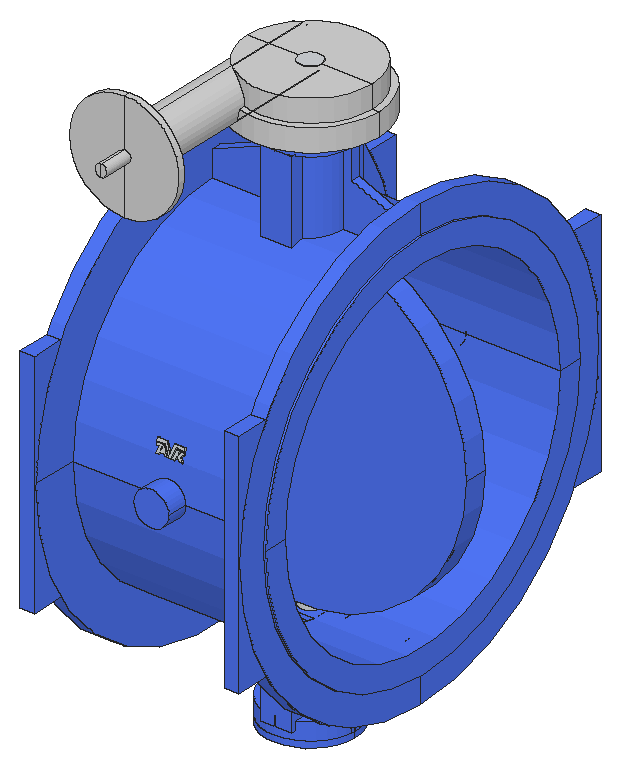
Revit family "756-102-142-DN150-600", category Pipe Accessories, Revit 2019
Family settings
  Round Connector Dimension = Use Diameter
  Part Type = Valve - Breaks Into
  Work Plane-Based = No
  Always vertical = Yes
  Cut with Voids When Loaded = No
  Shared = No
Parameters (values of type "DN600-PN10")
  offset = size_lookup(Search_table, "offset", 0.00 mm, DN)  # 3.00 mm
  GB_Width_3 = size_lookup(Search_table, "GB_Width", 0.00 mm, DN) / 2  # 120.00 mm
  Disc_Dia = size_lookup(Search_table, "Disc_Dia", 0.00 mm, DN)  # 582.00 mm
  Disc_width = if(DN > 599.00 mm, 40.00 mm, if(DN > 499.00 mm, 35.00 mm, if(DN > 399.00 mm, 30.00 mm, if(DN > 299.00 mm, 20.00 mm, if(DN > 199.00 mm, 15.00 mm, if(DN > 149.00 mm, 10.00 mm, 10.00 mm))))))  # 40.00 mm
  C_rod = if(DN > 599.00 mm, 39.00 mm, if(DN > 499.00 mm, 34.00 mm, if(DN > 399.00 mm, 29.00 mm, if(DN > 299.00 mm, 19.00 mm, if(DN > 199.00 mm, 14.00 mm, if(DN > 149.00 mm, 9.00 mm, 9.00 mm))))))  # 39.00 mm
  C = size_lookup(Search_table, "C", 0.00 mm, DN)  # 267.00 mm
  W5 = size_lookup(Search_table, "W5", 0.00 mm, DN)  # 364.00 mm
  W4 = size_lookup(Search_table, "W4", 0.00 mm, DN)  # 437.00 mm
  W3 = size_lookup(Search_table, "W3", 0.00 mm, DN)  # 426.00 mm
  W2 = size_lookup(Search_table, "W2", 0.00 mm, DN)  # 604.00 mm
  W1 = size_lookup(Search_table, "W1", 0.00 mm, DN)  # 393.00 mm
  URL_product_pages = "https://www.avkvalves.com/P.aspx?no=7560150114002"
  Rib_width_2 = Gear_box_Mount_Flange_width * 2  # 155.00 mm
  Rib_width = L - (Flange_Thickness * 2)  # 330.00 mm
  Rib_height_2 = H1 - Flange_OD  # 80.00 mm
  Rib_depth = if(DN > 149.00 mm, 15.00 mm, if(DN > 299.00 mm, 15.00 mm, if(DN > 399.00 mm, 20.00 mm, 20.00 mm)))  # 15.00 mm
  Rib_height = Flange_OD / 1.1  # 354.545 mm
  Rf_Dia = size_lookup(Search_table, "RF_Dia", 0.00 mm, DN) / 2  # 341.00 mm
  RF_Cut_Thickness = 5.00 mm  # constant formula
  Pin_width = L / 2  # 195.00 mm
  Pin_dia = 60.00 mm
  Pin_Depth = (DN + size_lookup(Search_table, "Flange_OD", 0.00 mm, DN)) / 2  # 690.05 mm
  L2 = size_lookup(Search_table, "L2", 0.00 mm, DN)  # 100.00 mm
  L1 = size_lookup(Search_table, "L1", 0.00 mm, DN)  # 94.00 mm
  L = size_lookup(Search_table, "L", 0.00 mm, DN)  # 390.00 mm
  ID (Radius) = DN / 2  # 300.05 mm
  H3 = size_lookup(Search_table, "H3", 0.00 mm, DN)  # 380.00 mm
  H2 = size_lookup(Search_table, "H2", 0.00 mm, DN)  # 481.00 mm
  H1 = B - GB_Dia  # 470.00 mm
  Gear_box_width = size_lookup(Search_table, "Gear_box_width", 0.00 mm, DN) / 2  # 28.00 mm
  Gear_box_depth = A - Body_wallthickness - 25.00 mm  # 278.00 mm
  GB_Width_2 = GB_Width_3 * 0.9  # 108.00 mm
  GB_Width = C - L / 2  # 72.00 mm
  GB_Flange = 5.00 mm  # constant formula
  GB_Dia = size_lookup(Search_table, "GB_Dia", 0.00 mm, DN) / 2  # 39.00 mm
  Flange_Thickness = size_lookup(Search_table, "Flange_Thickness", 0.00 mm, DN)  # 30.00 mm
  Flange_OD = size_lookup(Search_table, "Flange_OD", 0.00 mm, DN) / 2  # 390.00 mm
  Description_ = "AVK_DOUBLE_ECCENTRIC_BUTTERFLY_VALVE"
  DN = 600.10 mm
  Search_table = "756-102-142-DN150-600"
  Disc_2 = size_lookup(Search_table, "Disk_2", 0.00 mm, DN)  # 20.00 mm
  Disc_1 = size_lookup(Search_table, "Disk_1", 0.00 mm, DN)  # 20.00 mm
  DN600_PN16 = "756-0600-1-14002"
  DN600_PN10 = "756-0600-1-04002"
  DN600 = yes
  DN500_PN16 = "756-0500-1-14002"
  DN500_PN10 = "756-0500-1-04002"
  DN500 = yes
  DN450_PN16 = "756-0450-1-14002"
  DN450_PN10 = "756-0450-1-04002"
  DN450 = yes
  DN400_PN16 = "756-0400-1-14002"
  DN400_PN10 = "756-0400-1-04002"
  DN400 = yes
  DN350_PN16 = "756-0350-1-14002"
  DN350_PN10 = "756-0350-1-04002"
  DN350 = yes
  DN300_PN16 = "756-0300-1-14002"
  DN300_PN10 = "756-0300-1-04002"
  DN300 = yes
  DN250_PN16 = "756-0250-1-14002"
  DN250_PN10 = "756-0250-1-04002"
  DN250 = yes
  DN200_PN16 = "756-0200-1-14002"
  DN200_PN10 = "756-0200-1-04002"
  DN200 = yes
  DN150_PN10/16 = "756-0150-1-14002"
  DN150 = yes
  D1 = size_lookup(Search_table, "D1", 0.00 mm, DN) / 2  # 10.00 mm
  Bottom_width = size_lookup(Search_table, "Bottom_width", 0.00 mm, DN)  # 400.00 mm
  Bottom_Depth = DN * 1.5  # 900.15 mm
  Gear_box_Mount_width = size_lookup(Search_table, "Gear_box_Mount_width", 0.00 mm, DN) * 2  # 62.50 mm
  Gear_box_Mount_Flange_width = size_lookup(Search_table, "Gear_box_Mount_Flange_width", 0.00 mm, DN) / 2  # 77.50 mm
  Body_wallthickness = 10.00 mm  # constant formula
  B = size_lookup(Search_table, "B", 0.00 mm, DN)  # 509.00 mm
  A = size_lookup(Search_table, "A", 0.00 mm, DN)  # 313.00 mm
Types (18, lengths in mm): name | offset | GB_Width_3 | Disc_Dia | Disc_width | C_rod | C | W5 | W4 | W3 | W2 | W1 | Rib_width_2 | Rib_width | Rib_height_2 | Rib_height | Rf_Dia | Pin_width | Pin_dia | Pin_Depth | L2 | L1 | L | ID (Radius) | H3 | H2 | H1 | Gear_box_width | Gear_box_depth | GB_Width_2 | GB_Width | GB_Dia | Flange_Thickness | Flange_OD | DN | Disc_2 | Disc_1 | DN250_PN16 | Bottom_width | Bottom_Depth | Gear_box_Mount_width | Gear_box_Mount_Flange_width | B | A
  (no name) | 3.00 | 120.00 | 582.00 | 40.00 | 39.00 | 267.00 | 364.00 | 437.00 | 426.00 | 604.00 | 393.00 | 155.00 | 330.00 | 80.00 | 354.545 | 341.00 | 195.00 | 60.00 | 690.05 | 100.00 | 94.00 | 390.00 | 300.05 | 380.00 | 481.00 | 470.00 | 28.00 | 278.00 | 108.00 | 72.00 | 39.00 | 30.00 | 390.00 | 600.10 | 20.00 | 20.00 | "756-0250-1-14002" | 400.00 | 900.15 | 62.50 | 77.50 | 509.00 | 313.00
  DN150-PN10/16 | 3.00 | 85.00 | 133.00 | 10.00 | 9.00 | 176.00 | 172.00 | 6.00 | 6.00 | 278.00 | 155.00 | 100.00 | 180.00 | 38.50 | 129.545 | 105.50 | 105.00 | 30.00 | 217.50 | 1.00 | 1.00 | 210.00 | 75.00 | 230.00 | 201.00 | 181.00 | 33.50 | 87.00 | 76.50 | 71.00 | 35.00 | 15.00 | 142.50 | 150.00 | 2.00 | 2.00 | "756-0250-1-14002" | 120.00 | 225.00 | 43.00 | 50.00 | 216.00 | 122.00
  DN200-PN10 | 5.00 | 85.00 | 180.00 | 15.00 | 14.00 | 186.00 | 172.00 | 6.00 | 6.00 | 297.50 | 182.00 | 100.00 | 200.00 | 30.00 | 154.545 | 133.00 | 115.00 | 30.00 | 270.05 | 1.00 | 1.00 | 230.00 | 100.05 | 240.00 | 227.00 | 200.00 | 19.50 | 87.00 | 76.50 | 71.00 | 35.00 | 15.00 | 170.00 | 200.10 | 2.00 | 2.00 | "756-0250-1-14002" | 140.00 | 300.15 | 43.00 | 50.00 | 235.00 | 122.00
  DN250-PN10 | 5.00 | 85.00 | 227.00 | 15.00 | 14.00 | 196.00 | 172.00 | 6.00 | 6.00 | 331.50 | 215.00 | 90.00 | 220.00 | 31.50 | 184.091 | 159.50 | 125.00 | 30.00 | 327.55 | 1.00 | 1.00 | 250.00 | 125.05 | 260.00 | 261.00 | 234.00 | 19.50 | 87.00 | 76.50 | 71.00 | 35.00 | 15.00 | 202.50 | 250.10 | 2.00 | 2.00 | "756-0250-1-14002" | 170.00 | 375.15 | 37.00 | 45.00 | 269.00 | 122.00
  DN300-PN10 | 6.00 | 85.00 | 282.17 | 20.00 | 19.00 | 211.00 | 158.00 | 104.00 | 6.00 | 372.00 | 242.00 | 110.00 | 230.00 | 44.00 | 209.091 | 185.00 | 135.00 | 40.00 | 380.05 | 12.00 | 1.00 | 270.00 | 150.05 | 280.00 | 292.00 | 274.00 | 27.50 | 83.00 | 76.50 | 76.00 | 35.00 | 20.00 | 230.00 | 300.10 | 20.00 | 3.00 | "756-0250-1-14002" | 210.00 | 450.15 | 45.00 | 55.00 | 309.00 | 118.00
  DN350-PN10 | 3.00 | 85.00 | 334.00 | 20.00 | 19.00 | 250.00 | 313.00 | 173.00 | 151.00 | 395.50 | 272.00 | 120.00 | 250.00 | 38.00 | 236.364 | 214.50 | 145.00 | 40.00 | 435.05 | 26.00 | 20.00 | 290.00 | 175.05 | 300.00 | 318.00 | 298.00 | 27.00 | 228.00 | 76.50 | 105.00 | 35.00 | 20.00 | 260.00 | 350.10 | 20.00 | 20.00 | "756-0250-1-14002" | 210.00 | 525.15 | 50.00 | 60.00 | 333.00 | 263.00
  DN400-PN10 | 3.00 | 85.00 | 383.00 | 30.00 | 29.00 | 260.00 | 313.00 | 232.00 | 215.00 | 431.50 | 302.00 | 110.00 | 270.00 | 41.50 | 263.636 | 240.00 | 155.00 | 40.00 | 490.05 | 41.00 | 35.00 | 310.00 | 200.05 | 320.00 | 349.00 | 331.50 | 32.00 | 228.00 | 76.50 | 105.00 | 37.50 | 20.00 | 290.00 | 400.10 | 20.00 | 20.00 | "756-0250-1-14002" | 260.00 | 600.15 | 45.00 | 55.00 | 369.00 | 263.00
  DN450-PN10 | 3.00 | 109.00 | 430.00 | 30.00 | 29.00 | 270.00 | 313.00 | 284.00 | 267.00 | 468.50 | 332.00 | 135.00 | 270.00 | 48.50 | 290.909 | 265.00 | 165.00 | 60.00 | 545.05 | 55.00 | 48.00 | 330.00 | 225.05 | 340.00 | 390.00 | 368.50 | 28.00 | 228.00 | 98.10 | 105.00 | 37.50 | 30.00 | 320.00 | 450.10 | 20.00 | 20.00 | "756-0250-1-04002" | 280.00 | 675.15 | 58.00 | 67.50 | 406.00 | 263.00
  DN500-PN10 | 3.00 | 109.00 | 480.61 | 35.00 | 34.00 | 280.00 | 313.00 | 335.00 | 322.00 | 496.50 | 338.00 | 135.00 | 290.00 | 60.00 | 304.545 | 291.00 | 175.00 | 60.00 | 585.05 | 69.00 | 63.00 | 350.00 | 250.05 | 360.00 | 418.00 | 395.00 | 19.00 | 228.00 | 98.10 | 105.00 | 39.00 | 30.00 | 335.00 | 500.10 | 20.00 | 20.00 | "756-0250-1-14002" | 320.00 | 750.15 | 58.00 | 67.50 | 434.00 | 263.00
  DN600-PN10 | 3.00 | 120.00 | 582.00 | 40.00 | 39.00 | 267.00 | 364.00 | 437.00 | 426.00 | 604.00 | 393.00 | 155.00 | 330.00 | 80.00 | 354.545 | 341.00 | 195.00 | 60.00 | 690.05 | 100.00 | 94.00 | 390.00 | 300.05 | 380.00 | 481.00 | 470.00 | 28.00 | 278.00 | 108.00 | 72.00 | 39.00 | 30.00 | 390.00 | 600.10 | 20.00 | 20.00 | "756-0250-1-14002" | 400.00 | 900.15 | 62.50 | 77.50 | 509.00 | 313.00
  DN200-PN16 | 5.00 | 85.00 | 180.00 | 15.00 | 14.00 | 186.00 | 172.00 | 6.00 | 6.00 | 297.50 | 182.00 | 100.00 | 200.00 | 30.00 | 154.545 | 133.00 | 115.00 | 30.00 | 270.08 | 1.00 | 1.00 | 230.00 | 100.08 | 250.00 | 227.00 | 200.00 | 28.50 | 87.00 | 76.50 | 71.00 | 35.00 | 15.00 | 170.00 | 200.16 | 2.00 | 2.00 | "756-0250-1-14002" | 140.00 | 300.24 | 43.00 | 50.00 | 235.00 | 122.00
  DN250-PN16 | 5.00 | 85.00 | 227.00 | 15.00 | 14.00 | 196.00 | 172.00 | 6.00 | 6.00 | 331.50 | 215.00 | 90.00 | 220.00 | 31.50 | 184.091 | 159.50 | 125.00 | 30.00 | 327.58 | 1.00 | 1.00 | 250.00 | 125.08 | 270.00 | 261.00 | 234.00 | 19.50 | 87.00 | 76.50 | 71.00 | 35.00 | 15.00 | 202.50 | 250.16 | 2.00 | 2.00 | "756-0250-1-14002" | 170.00 | 375.24 | 37.00 | 45.00 | 269.00 | 122.00
  DN300-PN16 | 6.00 | 115.00 | 282.17 | 20.00 | 19.00 | 240.00 | 313.00 | 104.00 | 6.00 | 374.50 | 242.00 | 110.00 | 230.00 | 47.00 | 209.091 | 185.00 | 135.00 | 40.00 | 380.08 | 12.00 | 1.00 | 270.00 | 150.08 | 290.00 | 292.00 | 277.00 | 32.50 | 228.00 | 103.50 | 105.00 | 35.00 | 20.00 | 230.00 | 300.16 | 20.00 | 3.00 | "756-0250-1-14002" | 210.00 | 450.24 | 45.00 | 55.00 | 312.00 | 263.00
  DN350-PN16 | 3.00 | 85.00 | 334.00 | 20.00 | 19.00 | 250.00 | 313.00 | 173.00 | 151.00 | 400.50 | 272.00 | 120.00 | 250.00 | 43.00 | 236.364 | 214.50 | 145.00 | 40.00 | 435.08 | 26.00 | 20.00 | 290.00 | 175.08 | 310.00 | 318.00 | 303.00 | 32.00 | 228.00 | 76.50 | 105.00 | 35.00 | 20.00 | 260.00 | 350.16 | 20.00 | 20.00 | "756-0250-1-14002" | 210.00 | 525.24 | 50.00 | 60.00 | 338.00 | 263.00
  DN400-PN16 | 3.00 | 85.00 | 383.00 | 30.00 | 29.00 | 260.00 | 313.00 | 232.00 | 215.00 | 431.50 | 302.00 | 110.00 | 270.00 | 41.50 | 263.636 | 240.00 | 155.00 | 40.00 | 490.08 | 41.00 | 35.00 | 310.00 | 200.08 | 330.00 | 349.00 | 331.50 | 32.00 | 228.00 | 76.50 | 105.00 | 37.50 | 20.00 | 290.00 | 400.16 | 20.00 | 20.00 | "756-0250-1-14002" | 260.00 | 600.24 | 45.00 | 55.00 | 369.00 | 263.00
  DN450-PN16 | 3.00 | 109.00 | 430.00 | 30.00 | 29.00 | 203.00 | 320.00 | 284.00 | 267.00 | 498.00 | 332.00 | 135.00 | 270.00 | 45.50 | 290.909 | 265.00 | 165.00 | 60.00 | 545.08 | 55.00 | 48.00 | 330.00 | 225.08 | 350.00 | 390.00 | 365.50 | 43.00 | 234.00 | 98.10 | 38.00 | 37.50 | 30.00 | 320.00 | 450.16 | 20.00 | 20.00 | "756-0250-1-14002" | 280.00 | 675.24 | 58.00 | 67.50 | 403.00 | 269.00
  DN500-PN16 | 3.00 | 109.00 | 480.61 | 35.00 | 34.00 | 213.00 | 320.00 | 335.00 | 322.00 | 535.00 | 370.00 | 135.00 | 290.00 | 66.00 | 304.545 | 291.00 | 175.00 | 60.00 | 585.08 | 69.00 | 63.00 | 350.00 | 250.08 | 370.00 | 427.00 | 401.00 | 43.00 | 234.00 | 98.10 | 38.00 | 39.00 | 30.00 | 335.00 | 500.16 | 20.00 | 20.00 | "756-0250-1-14002" | 320.00 | 750.24 | 58.00 | 67.50 | 440.00 | 269.00
  DN600-PN16 | 3.00 | 120.00 | 582.00 | 40.00 | 39.00 | 235.00 | 406.00 | 437.00 | 426.00 | 657.00 | 435.00 | 155.00 | 330.00 | 103.00 | 354.545 | 341.00 | 195.00 | 60.00 | 690.08 | 100.00 | 94.00 | 390.00 | 300.08 | 390.00 | 503.00 | 493.00 | 39.00 | 320.00 | 108.00 | 40.00 | 39.00 | 30.00 | 390.00 | 600.16 | 20.00 | 20.00 | "756-0250-1-14002" | 400.00 | 900.24 | 62.50 | 77.50 | 532.00 | 355.00
Reference planes
  plane 1 "Center (Front/Back)": y = 0
  plane 2: z = 0
  plane 3 "Center (Left/Right)": x = 0
  plane 4: y = 300.05
  plane 5: y = 310.05
  plane 6: x = 195
  plane 7: x = 165
  plane 8: x = -165
  plane 9: x = -195
  plane 10: z = 470
  plane 11: x = 77.5
  plane 12: z = 440
  plane 13: z = -470
  plane 14: x = 77.5
  plane 15: z = -440
  plane 16: x = 62.5
  plane 17: x = 77.5
  plane 18: x = -77.5
  plane 19: z = 470
  plane 20: z = 390
  plane 21: z = 300.05
  plane 22: x = 165
  plane 23: x = -165
  plane 24: z = 354.545
  plane 25: y = 7.5
  plane 26: y = -7.5
  plane 27: x = 77.5
  plane 28: x = -77.5
  plane 29: z = -470
  plane 30: z = -390
  plane 31: z = -300.05
  plane 32: x = 165
  plane 33: x = -165
  plane 34: z = -354.545
  plane 35: y = 77.5
  plane 36: y = -77.5
  plane 37: x = -7.5
  plane 38: x = 7.5
  plane 39: z = 200
  plane 40: z = -200
  plane 41: y = -393
  plane 42: y = 393
  plane 43: y = -364
  plane 44: z = -481
  plane 45: x = 62.5
  plane 46: y = 300.05
  plane 47: y = -300.05
  plane 48: y = 345.025
  plane 49: y = -345.025
  plane 50: z = 604
  plane 51: z = 509
  plane 52: y = -313
  plane 53: x = -72
  plane 54: z = 548
  plane 55: x = -67
  plane 56: x = -77
  plane 57: z = 514
  plane 58: z = 504
  plane 59: x = -33
  plane 60: x = -111
  plane 61: z = 470
  plane 62: y = -17.5
  plane 63: y = 17.5
  plane 64: z = 218.671
  plane 65: z = 213.253
  plane 66: z = -218.671
  plane 67: z = -213.253
  plane 68: x = -20
  plane 69: x = 20
  plane 70: y = 20
  plane 71: y = -20
Forms (mm)
  Revolve 1, solid, material "Plastic"
    sketch origin (0, 0, 0) x (1, 0, 0) y (0, 1, 0)
      loop
        line (-165, 310.05) -> (-165, 390) -> (-195, 390) -> (-195, 300.05) -> (195, 300.05) -> (195, 390) -> (165, 390) -> (165, 310.05) -> (-165, 310.05)
      axis (-195, 0) -> (195, 0)
    angle from 0 to 360
  Revolve 2, solid, material "Plastic"
    sketch origin (0, 0, 0) x (1, 0, 0) y (0, 0, 1)
      loop
        line (62.5, 440) -> (77.5, 440) -> (77.5, 470) -> (0, 470) -> (0, 300.05) -> (62.5, 300.05) -> (62.5, 440)
      axis (0, 470) -> (0, 300.05)
    angle from 0 to 360
  Revolve 3, solid, material "Plastic"
    sketch origin (0, 0, 0) x (1, 0, 0) y (0, 0, -1)
      loop
        line (62.5, 300.05) -> (62.5, 440) -> (77.5, 440) -> (77.5, 470) -> (0, 470) -> (0, 300.05) -> (62.5, 300.05)
      axis (0, 470) -> (0, 300.05)
    angle from 0 to 360
  Revolve 4, solid, material "Plastic"
    sketch origin (0, 0, 0) x (1, 0, 0) y (0, 0, 1)
      loop
        line (0, -470) -> (0, -481) -> (77.5, -481) -> (77.5, -470) -> (0, -470)
      axis (0, -481) -> (0, -470)
    angle from 0 to 360
  Extrusion 5, solid, material "Plastic"
    sketch origin (0, 0, 0) x (1, 0, 0) y (0, 0, 1)
      loop
        line (77.5, 470) -> (-77.5, 470) -> (-77.5, 390) -> (-165, 354.545) -> (-165, 300.05) -> (165, 300.05) -> (165, 354.545) -> (77.5, 390) -> (77.5, 470)
    from -7.5 to 7.5
  Extrusion 6, solid, material "Plastic"
    sketch origin (0, 0, 0) x (1, 0, 0) y (0, 0, 1)
      loop
        line (77.5, -470) -> (77.5, -390) -> (165, -354.545) -> (165, -300.05) -> (-165, -300.05) -> (-165, -354.545) -> (-77.5, -390) -> (-77.5, -470) -> (77.5, -470)
    from -7.5 to 7.5
  Extrusion 7, solid, material "Plastic"
    sketch origin (0, 0, 0) x (0, 1, 0) y (0, 0, 1)
      loop
        line (77.5, 440) -> (-77.5, 440) -> (-77.5, -455.5) -> (77.5, -455.5) -> (77.5, 440)
    from -24 to 29.728
  Extrusion 8, solid, material "Plastic"
    sketch origin (0, 0, 0) x (0, 1, 0) y (0, 0, 1)
      loop
        line (393, -200) -> (393, 200) -> (334.813, 200)
        arc (334.813, 200) -> (375.95, 103.737) -> (390, 0) r 390
        arc (390, 0) -> (375.95, -103.737) -> (334.813, -200) r 390
        line (334.813, -200) -> (393, -200)
      loop
        line (-393, 200) -> (-393, -200) -> (-334.813, -200)
        arc (-334.813, -200) -> (-375.95, -103.737) -> (-390, 0) r 390
        arc (-390, 0) -> (-375.95, 103.737) -> (-334.813, 200) r 390
        line (-334.813, 200) -> (-393, 200)
    from 165 to 195
  Extrusion 9, void
    sketch origin (0, 0, 0) x (0, 1, 0) y (0, 0, 1)
      loop
        circle (0, 0) r 300.05
    from -195 to 195
  Extrusion 10, solid, material "Plastic"
    sketch origin (0, 0, 0) x (0, 1, 0) y (0, 0, -1)
      loop
        line (-393, -200) -> (-334.813, -200)
        arc (-334.813, -200) -> (-375.95, -103.737) -> (-390, 0) r 390
        arc (-390, 0) -> (-375.95, 103.737) -> (-334.813, 200) r 390
        line (-334.813, 200) -> (-393, 200) -> (-393, -200)
      loop
        line (393, 200) -> (334.813, 200)
        arc (334.813, 200) -> (375.95, 103.737) -> (390, 0) r 390
        arc (390, 0) -> (375.95, -103.737) -> (334.813, -200) r 390
        line (334.813, -200) -> (393, -200) -> (393, 200)
    from 165 to 195
  Extrusion 11, solid, material "Plastic"
    sketch origin (0, 0, 0) x (1, 0, 0) y (0, 0, 1)
      loop
        circle (0, 0) r 30
    from -345.025 to -300.05
  Extrusion 12, solid, material "Plastic"
    sketch origin (0, 0, 0) x (1, 0, 0) y (0, 0, 1)
      loop
        circle (0, 0) r 30
    from 345.025 to 300.05
  Revolve 13, void
    sketch origin (0, 0, 0) x (1, 0, 0) y (0, 0, 1)
      loop
        line (195, 481) -> (190, 481) -> (190, 341) -> (195, 341) -> (195, 481)
      loop
        line (-195, 481) -> (-195, 341) -> (-190, 341) -> (-190, 481) -> (-195, 481)
      axis (-195, 0) -> (195, 0)
    angle from 0 to 360
  Extrusion 14, solid, material "Stainless Steel AISI 304"
    sketch origin (0, 0, 0) x (1, 0, 0) y (0, 0, 1)
      loop
        line (-77, 548) -> (-77, 514) -> (-111, 514) -> (-111, 504) -> (-77, 504) -> (-77, 470) -> (-67, 470) -> (-67, 504) -> (-33, 504) -> (-33, 514) -> (-67, 514) -> (-67, 548) -> (-77, 548)
    from 278 to 303
  Revolve 15, solid, material "Stainless Steel AISI 304"
    sketch origin (0, 0, 0) x (1, 0, 0) y (0, 0, 1)
      loop
        line (0, 470) -> (120, 470) -> (120, 509) -> (0, 509) -> (0, 470)
      axis (0, 470) -> (0, 509)
    angle from 0 to 360
  Revolve 16, solid, material "Stainless Steel AISI 304"
    sketch origin (0, 0, 0) x (1, 0, 0) y (0, 0, 1)
      loop
        line (0, 509) -> (108, 509) -> (108, 548) -> (0, 548) -> (0, 509)
      axis (0, 509) -> (0, 548)
    angle from 0 to 360
  Revolve 17, solid, material "Stainless Steel AISI 304"
    sketch origin (-72, -1524, 167.638) x (0, 0, -1) y (0, -1, 0)
      loop
        line (-351.362, -1160) -> (-351.362, -1211) -> (-341.362, -1211) -> (-341.362, -1160) -> (-351.362, -1160)
      axis (-341.362, -1211) -> (-341.362, -1160)
    angle from 0 to 360
  Revolve 18, solid, material "Stainless Steel AISI 304"
    sketch origin (-72, -1524, 167.638) x (0, 0, -1) y (0, -1, 0)
      loop
        line (-436.362, -1221) -> (-341.362, -1221) -> (-341.362, -1211) -> (-436.362, -1211) -> (-436.362, -1221)
      axis (-341.362, -1221) -> (-341.362, -1211)
    angle from 0 to 360
  Revolve 19, solid, material "Stainless Steel AISI 304"
    sketch origin (-72, -1524, 167.638) x (0, 0, -1) y (0, -1, 0)
      loop
        line (-341.362, -1596) -> (-302.362, -1596) -> (-302.362, -1246) -> (-341.362, -1246) -> (-341.362, -1596)
      axis (-341.362, -1596) -> (-341.362, -1246)
    angle from 0 to 360
  Extrusion 20, solid, material "Plastic"
    sketch origin (0, 0, 0) x (1, 0, 0) y (0, 0, 1)
      loop
        circle (-3, 0) r 291
    from -20 to 20
  Extrusion 21, solid
    sketch origin (0, 0, 0) x (1, 0, 0) y (0, 1, 0)
      loop
        circle (0, 0) r 19.5
    from -481 to 548
Cuts and joins
  Extrusion 9, Revolve 13 cuts Revolve 1
  Extrusion 9 cuts Extrusion 7
  Extrusion 9, Revolve 13 cuts Extrusion 8
  Revolve 13 cuts Extrusion 10
Dimensions and locks
  equal spacing: plane 9, plane 3 "Center (Left/Right)", plane 6
  "L": plane 9 to plane 6
  "ID (Radius)": plane 4 to plane 1 "Center (Front/Back)"
  "Body_wallthickness": plane 5 to plane 4
  "Flange_Thickness": plane 7 to plane 6
  "Flange_Thickness": plane 9 to plane 8
  "Flange_OD": plane 1 "Center (Front/Back)" to Revolve 1 sketch curve
  "Flange_Thickness": plane 10 to plane 12
  "ID (Radius)": Revolve 2 sketch curve to level
  "Gear_box_Mount_Flange_width": plane 3 "Center (Left/Right)" to plane 11
  "Flange_Thickness": plane 13 to plane 15
  "H1": level to plane 13
  "ID (Radius)": level to Revolve 3 sketch curve
  "Gear_box_Mount_Flange_width": Revolve 4 sketch curve to Revolve 4 sketch curve
  "ID (Radius)": plane 21 to level
  "H1": plane 19 to level
  "Gear_box_Mount_Flange_width": plane 3 "Center (Left/Right)" to plane 17
  "Gear_box_Mount_Flange_width": plane 18 to plane 3 "Center (Left/Right)"
  "Rib_height": plane 24 to level
  equal spacing: plane 25, plane 1 "Center (Front/Back)", plane 26
  "Rib_depth": plane 25 to plane 26
  equal spacing: plane 22, plane 3 "Center (Left/Right)", plane 23
  "Rib_width": plane 22 to plane 23
  "Rib_height_2": plane 19 to plane 20
  "Rib_height_2": plane 29 to plane 30
  "Rib_height": level to plane 34
  "Gear_box_Mount_Flange_width": plane 28 to plane 3 "Center (Left/Right)"
  "Gear_box_Mount_Flange_width": plane 3 "Center (Left/Right)" to plane 27
  "ID (Radius)": level to plane 31
  "H1": level to plane 29
  equal spacing: plane 32, plane 3 "Center (Left/Right)", plane 33
  "Rib_width": plane 32 to plane 33
  equal spacing: plane 35, plane 1 "Center (Front/Back)", plane 36
  equal spacing: plane 37, plane 3 "Center (Left/Right)", plane 38
  "Rib_depth": plane 37 to plane 38
  equal spacing: plane 42, plane 1 "Center (Front/Back)", plane 41
  "W1": plane 1 "Center (Front/Back)" to plane 41
  "W1": plane 42 to plane 1 "Center (Front/Back)"
  "Bottom_width": plane 39 to plane 40
  equal spacing: plane 39, level, plane 40
  "Rib_width_2": plane 35 to plane 36
  "W5": plane 1 "Center (Front/Back)" to plane 43
  "H2": level to Revolve 4 sketch curve
  "H2": level to plane 44
  "W1": plane 1 "Center (Front/Back)" to Extrusion 10
  "Gear_box_Mount_width": plane 45 to plane 3 "Center (Left/Right)"
  "Gear_box_Mount_width": plane 3 "Center (Left/Right)" to plane 16
  "Gear_box_Mount_Flange_width": plane 3 "Center (Left/Right)" to plane 14
  "Pin_width": cut or joined group of Extrusion 8, Extrusion 9, Revolve 13 to Extrusion 11 sketch curve
  "H2": Extrusion 11 sketch curve to Revolve 4
  equal spacing: plane 46, plane 1 "Center (Front/Back)", plane 47
  "DN": plane 46 to plane 47
  equal spacing: plane 48, plane 1 "Center (Front/Back)", plane 49
  "Pin_Depth": plane 48 to plane 49
  "Rf_Dia": Revolve 13 sketch curve to level
  "RF_Cut_Thickness": Revolve 13 sketch curve to Revolve 13 sketch curve  (x2)
  "H2": Revolve 13 sketch curve to level
  "W2": plane 50 to level
  "H1": plane 10 to level
  "B": plane 51 to level
  "A": plane 1 "Center (Front/Back)" to plane 52
  "GB_Width_3": Revolve 15 sketch curve to Revolve 15 sketch curve
  "GB_Width_2": Revolve 16 sketch curve to plane 3 "Center (Left/Right)"
  equal spacing: Revolve 16 sketch curve, plane 51, Revolve 15
  "GB_Width": plane 3 "Center (Left/Right)" to plane 53
  "D1": Revolve 17 sketch curve to Revolve 17 sketch curve
  "Body_wallthickness": Revolve 18 sketch curve to Revolve 18 sketch curve
  equal spacing: plane 55, plane 53, plane 56
  equal spacing: plane 59, plane 53, plane 60
  equal spacing: plane 57, plane 51, plane 58
  "Body_wallthickness": plane 57 to plane 58
  equal spacing: plane 54, plane 51, plane 61
  "Body_wallthickness": plane 55 to plane 56
  "GB_Dia": plane 53 to plane 60
  "GB_Dia": plane 54 to plane 51
  "Gear_box_depth": plane 1 "Center (Front/Back)" to Revolve 19 sketch curve
  "GB_Width": Revolve 19 sketch curve to plane 1 "Center (Front/Back)"
  Revolve 17 to plane 51 = 10.00 mm
  cut or joined group of Revolve 1, Extrusion 9, Revolve 13 to cut or joined group of Revolve 1, Extrusion 9, Revolve 13 = 390.00 mm
  "C": plane 53 to cut or joined group of Revolve 1, Extrusion 9, Revolve 13
  "offset": nested 1 to Extrusion 20 sketch curve
  Extrusion 20 to cut or joined group of Revolve 1, Extrusion 9, Revolve 13 = 99.00 mm
  cut or joined group of Revolve 1, Extrusion 9, Revolve 13 to Extrusion 20 = 93.00 mm
  equal spacing: cut or joined group of Revolve 1, Extrusion 9, Revolve 13, Extrusion 21 sketch curve, cut or joined group of Revolve 1, Extrusion 9, Revolve 13
  equal spacing: plane 47, Extrusion 21 sketch curve, plane 46
  plane 64 to plane 66 = 437.342 mm
  plane 65 to plane 67 = 426.507 mm
  equal spacing: plane 69, plane 3 "Center (Left/Right)", plane 68
  "Disc_width": plane 69 to plane 68
  equal spacing: plane 70, plane 1 "Center (Front/Back)", plane 71
  "Disc_width": plane 70 to plane 71
  "Pin_dia": diameter of Extrusion 11 sketch curve
  "Disc_Dia": diameter of Extrusion 20 sketch curve
  "C_rod": diameter of Extrusion 21 sketch curve
  aligned and locked: level to plane 2
  aligned and locked: Revolve 1 sketch curve to plane 4
  aligned and locked: plane 5 to Revolve 1 sketch curve
  aligned and locked: Revolve 1 sketch curve to plane 6
  aligned and locked: Revolve 1 sketch curve to plane 7
  aligned and locked: Revolve 1 sketch curve to plane 8
  aligned and locked: Revolve 1 sketch curve to plane 9
  aligned and locked: Revolve 1 sketch curve to Revolve 1 sketch curve
  aligned and locked: plane 1 "Center (Front/Back)" to Revolve 1 sketch curve
  aligned and locked: Revolve 2 sketch curve to Revolve 2 sketch curve
  aligned and locked: plane 10 to Revolve 2 sketch curve
  aligned and locked: Revolve 2 sketch curve to plane 11  (x2)
  aligned and locked: plane 12 to Revolve 2 sketch curve
  aligned and locked: Revolve 2 sketch curve to plane 3 "Center (Left/Right)"
  aligned and locked: Revolve 3 sketch curve to plane 14
  aligned and locked: plane 13 to Revolve 3 sketch curve
  aligned and locked: Revolve 4 sketch curve to Revolve 3
  aligned and locked: Revolve 4 sketch curve to plane 3 "Center (Left/Right)"  (x2)
  aligned and locked: Extrusion 5 sketch curve to plane 17  (x2)
  aligned and locked: plane 19 to Extrusion 5 sketch curve  (x2)
  aligned and locked: Extrusion 5 sketch curve to plane 18  (x2)
  aligned and locked: plane 20 to Extrusion 5 sketch curve  (x2)
  aligned and locked: Extrusion 5 sketch curve to plane 24
  aligned and locked: plane 22 to Extrusion 5 sketch curve  (x2)
  aligned and locked: plane 24 to Extrusion 5 sketch curve
  aligned and locked: plane 23 to Extrusion 5 sketch curve  (x2)
  aligned and locked: plane 21 to Extrusion 5 sketch curve
  aligned and locked: Extrusion 5 to plane 25
  aligned and locked: Extrusion 5 to plane 26
  aligned and locked: Extrusion 6 sketch curve to plane 27  (x2)
  aligned and locked: plane 32 to Extrusion 6 sketch curve  (x2)
  aligned and locked: plane 33 to Extrusion 6 sketch curve  (x2)
  aligned and locked: plane 31 to Extrusion 6 sketch curve  (x2)
  aligned and locked: Extrusion 6 sketch curve to plane 34
  aligned and locked: plane 28 to Extrusion 6 sketch curve  (x2)
  aligned and locked: plane 30 to Extrusion 6 sketch curve  (x2)
  aligned and locked: plane 29 to Extrusion 6 sketch curve  (x2)
  aligned and locked: plane 34 to Extrusion 6 sketch curve
  aligned and locked: plane 35 to Extrusion 7 sketch curve
  aligned and locked: Extrusion 7 sketch curve to plane 36
  aligned and locked: Extrusion 7 sketch curve to Revolve 2
  aligned and locked: plane 39 to Extrusion 8 sketch curve  (x2)
  aligned and locked: Extrusion 8 sketch curve to plane 39  (x2)
  aligned and locked: Extrusion 8 to Revolve 1  (x2)
  aligned and locked: Extrusion 9 sketch curve to Revolve 1  (x2)
  aligned and locked: plane 41 to Extrusion 8 sketch curve
  aligned and locked: Extrusion 8 sketch curve to plane 40
  aligned and locked: Extrusion 8 sketch curve to plane 41
  aligned and locked: Extrusion 8 sketch curve to plane 42
  aligned and locked: plane 40 to Extrusion 8 sketch curve
  aligned and locked: plane 42 to Extrusion 8 sketch curve
  aligned and locked: Extrusion 8 sketch curve to cut or joined group of Revolve 1, Extrusion 9, Revolve 13  (x4)
  aligned and locked: Extrusion 10 sketch curve to cut or joined group of Extrusion 8, Extrusion 9, Revolve 13  (x6)
  aligned and locked: Extrusion 10 sketch curve to cut or joined group of Revolve 1, Extrusion 9, Revolve 13  (x3)
  aligned and locked: Extrusion 10 to Extrusion 5
  aligned and locked: Extrusion 10 to cut or joined group of Revolve 1, Extrusion 9, Revolve 13
  aligned and locked: plane 3 "Center (Left/Right)" to nested 1
  aligned and locked: Revolve 2 sketch curve to plane 45  (x2)
  aligned and locked: plane 16 to Revolve 3 sketch curve
  aligned and locked: plane 15 to Revolve 3 sketch curve  (x2)
  aligned and locked: Revolve 3 sketch curve to plane 3 "Center (Left/Right)"  (x2)
  aligned and locked: Revolve 3 sketch curve to Revolve 3 sketch curve
  aligned and locked: plane 14 to Revolve 3 sketch curve
  aligned and locked: Extrusion 11 to plane 46
  aligned and locked: Extrusion 12 sketch curve to Extrusion 11  (x2)
  aligned and locked: plane 47 to Extrusion 12
  aligned and locked: Extrusion 11 to plane 48
  aligned and locked: plane 49 to Extrusion 12
  aligned and locked: Revolve 13 sketch curve to cut or joined group of Revolve 1, Extrusion 9, Revolve 13  (x2)
  aligned and locked: Revolve 13 sketch curve to Revolve 13 sketch curve  (x2)
  aligned and locked: Revolve 13 sketch curve to plane 2
  aligned and locked: Extrusion 9 to Revolve 1  (x2)
  aligned and locked: plane 51 to Revolve 15 sketch curve
  aligned and locked: plane 3 "Center (Left/Right)" to Revolve 15 sketch curve
  aligned and locked: Revolve 16 sketch curve to plane 3 "Center (Left/Right)"
  aligned and locked: Revolve 16 sketch curve to Revolve 15
  aligned and locked: Revolve 16 sketch curve to Revolve 16 sketch curve
  aligned and locked: Revolve 17 sketch curve to plane 52
  aligned and locked: plane 43 to Revolve 17 sketch curve
  aligned and locked: plane 51 to Revolve 17 sketch curve
  aligned and locked: Revolve 17 sketch curve to Revolve 17 sketch curve
  aligned and locked: Revolve 18 sketch curve to plane 50
  aligned and locked: Revolve 18 sketch curve to plane 52
  aligned and locked: Revolve 18 sketch curve to plane 51
  aligned and locked: Revolve 18 sketch curve to Revolve 18 sketch curve
  aligned and locked: Revolve 19 sketch curve to Revolve 15
  aligned and locked: Revolve 19 sketch curve to Revolve 19 sketch curve
  aligned and locked: plane 56 to Extrusion 14 sketch curve  (x4)
  aligned and locked: plane 54 to Extrusion 14 sketch curve
  aligned and locked: Extrusion 14 sketch curve to plane 54
  aligned and locked: plane 55 to Extrusion 14 sketch curve  (x4)
  aligned and locked: plane 57 to Extrusion 14 sketch curve  (x3)
  aligned and locked: Extrusion 14 sketch curve to plane 57
  aligned and locked: Extrusion 14 sketch curve to plane 59  (x2)
  aligned and locked: Extrusion 14 sketch curve to plane 58
  aligned and locked: plane 58 to Extrusion 14 sketch curve  (x3)
  aligned and locked: Extrusion 14 sketch curve to plane 61  (x2)
  aligned and locked: plane 60 to Extrusion 14 sketch curve  (x2)
  aligned and locked: Extrusion 14 to Revolve 19
  aligned and locked: Extrusion 14 to Revolve 18
  aligned and locked: Revolve 19 sketch curve to Revolve 2
  aligned and locked: Revolve 15 sketch curve to Revolve 2
  aligned and locked: Extrusion 21 to Extrusion 14
  aligned and locked: Extrusion 21 to Revolve 4
  aligned and locked: Extrusion 20 to plane 70
  aligned and locked: Extrusion 20 to plane 71
Automatic sketch dimensions
  Extrusion 10 sketch curve to Extrusion 10 sketch curve = 0.00 mm
  Revolve 1 sketch curve to plane 8 = 30.00 mm
  Revolve 1 sketch curve to plane 38 = 19.183 mm
  Revolve 4 sketch curve to Revolve 4 sketch curve = 60.00 mm
  Revolve 4 sketch curve to Revolve 4 sketch curve = 15.00 mm
  Revolve 2 sketch curve to Revolve 2 sketch curve = 35.25 mm
  plane 44 to Extrusion 7 sketch curve = 25.50 mm
  Revolve 3 sketch curve to Revolve 3 sketch curve = 35.25 mm
  Revolve 15 sketch curve to Revolve 15 sketch curve = 10.50 mm
  Revolve 15 sketch curve to Revolve 15 sketch curve = 15.00 mm
  Revolve 16 sketch curve to Revolve 16 sketch curve = 3.578 mm
  Revolve 16 sketch curve to Revolve 16 sketch curve = 4.704 mm
  Revolve 17 sketch curve to plane 52 = 10.00 mm
  Revolve 17 sketch curve to plane 43 = 15.00 mm
  Revolve 18 sketch curve to Revolve 18 sketch curve = 2.702 mm
  Revolve 18 sketch curve to Revolve 18 sketch curve = 2.298 mm
  plane 25 to Revolve 19 sketch curve = 11.562 mm
  Revolve 19 sketch curve to plane 26 = 18.438 mm
  Revolve 15 sketch curve to plane 3 "Center (Left/Right)" = 0.00 mm
  Extrusion 20 sketch curve to level = 0.00 mm
  Revolve 2 sketch curve to Revolve 2 sketch curve = 42.30 mm
  Revolve 3 sketch curve to Revolve 3 sketch curve = 42.30 mm
  Revolve 13 sketch curve to plane 37 = 0.50 mm
  plane 69 to Revolve 13 sketch curve = 18.736 mm
Nested families
  nested 1: "LOGO LV Final" at (0, -306.043, 49.686) x (1, 0, 0) z (0, -0.9871, 0.1603), type "LOGO LV Final"
Connectors
  piping at (-195, 0, 0), diameter 600.1, driven by "DN"
    settings: on Revolve 1, index 1, connector inside diameter 609.6 mm, connector length 0.00 mm, flow factor 0, pipe flow 0.0 L/s, pressure drop 0.0 Pa, fitting loss kfactor 0, connector angle 0.00°, fixture units 0, engagement length 0.00 mm, angle of deflection 0.00°, flow configuration 0, flow direction 0, fitting loss method 0, system type 7, joint type 0, gender type 0, connector reference index -1, connector utility 0, adjustable connector no, is connector primary yes, connector description ""
  piping at (195, 0, 0), diameter 600.1, driven by "DN"
    settings: on Revolve 1, index 2, connector inside diameter 609.6 mm, connector length 0.00 mm, flow factor 0, pipe flow 0.0 L/s, pressure drop 0.0 Pa, fitting loss kfactor 0, connector angle 0.00°, fixture units 0, engagement length 0.00 mm, angle of deflection 0.00°, flow configuration 0, flow direction 0, fitting loss method 0, system type 7, joint type 0, gender type 0, connector reference index -1, connector utility 0, adjustable connector no, is connector primary no, connector description ""
Definition of nested family "LOGO LV Final"
  Parameters (values of type "LOGO LV Final")
    Default Elevation = 1219.20 mm
  Reference planes
    plane 1 "Center (Front/Back)": y = 0
    plane 2: z = 0
    plane 3 "Center (Left/Right)": x = 0
  Forms (mm)
    Extrusion 1, solid
      sketch origin (0, 0, 0) x (1, 0, 0) y (0, 1, 0)
        loop
          line (-1219.2, 1219.2) -> (-1219.2, -1219.2) -> (1219.2, -1219.2) -> (1219.2, 1219.2) -> (-1219.2, 1219.2)
      from 0 to -304.8
    Extrusion 2, solid
      sketch origin (0, 0, 0) x (1, 0, 0) y (0, 1, 0)
        loop
          line (-6.514, 34.224) -> (-24, 34.224) -> (-24, 29.481) -> (-9.766, 29.481) -> (-2.391, 11.367) -> (2.391, 11.367) -> (9.766, 29.481) -> (24, 29.481) -> (24, 34.224) -> (6.514, 34.224) -> (0, 18.224) -> (-6.514, 34.224)
        loop
          line (-10.996, 27.653) -> (-24, 27.653) -> (-24, 23.081) -> (-19.503, 23.081) -> (-24, 11.367) -> (-18.92, 11.367) -> (-17.955, 13.881) -> (-10.51, 13.881) -> (-9.486, 11.367) -> (-4.365, 11.367) -> (-10.996, 27.653)
        loop
          line (-16.777, 18.224) -> (-12.278, 18.224) -> (-14.594, 23.912) -> (-16.777, 18.224)
        loop
          line (4.365, 11.367) -> (9.486, 11.367) -> (12.093, 17.77) -> (16.918, 11.367) -> (22.857, 11.367) -> (17.399, 18.61)
          arc (17.399, 18.61) -> (20.583, 20.18) -> (22.629, 23.081) r 7.2
          line (22.629, 23.081) -> (24, 23.081) -> (24, 27.653) -> (19.429, 27.653)
          arc (19.429, 27.653) -> (17.763, 23.526) -> (13.699, 21.714) r 5.943
          line (13.699, 21.714) -> (16.117, 27.653) -> (10.996, 27.653) -> (4.365, 11.367)
      from 0 to 1
  Dimensions and locks
    aligned and locked: plane 2 to Extrusion 1
    aligned and locked: level to Extrusion 1
    aligned and locked: Extrusion 2 sketch curve to import instance
